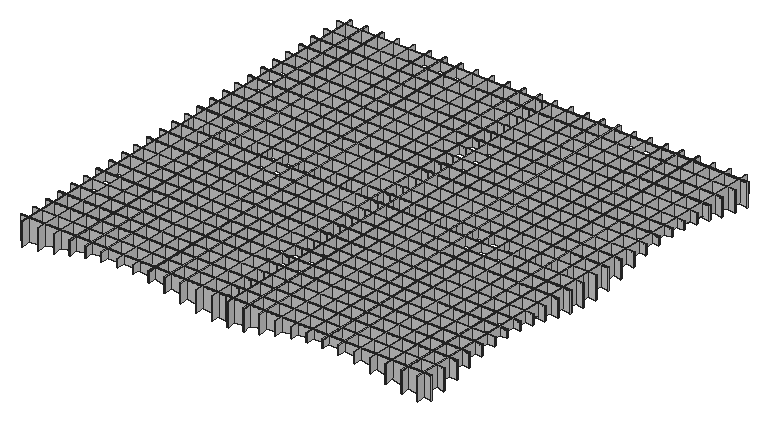
Revit family "CLD-WFL-002_RFA", category Modelos genéricos, Revit 2022 (continued)
Forms (in)
  Extrusion 139, solid, not visible
    sketch origin (0, 0, 0) x (1, 0, 0) y (0, 0, 1)
      loop
        spline (95.30878, 1.71798) -> (96.03651, 1.59857) -> (96.76522, 1.48186) -> (97.49484, 1.36779) -> (98.2253, 1.25631) -> (98.95653, 1.14734) -> (99.68844, 1.04084) -> (100.42096, 0.93675) -> (101.15403, 0.83501) -> (101.88757, 0.73557) -> (102.62149, 0.63835) -> (103.35573, 0.54331) -> (104.09022, 0.45039)
        spline (104.09022, 0.45039) -> (104.41609, 0.41056) -> (104.74197, 0.37118) -> (105.06787, 0.33222) -> (105.39376, 0.29369) -> (105.71965, 0.25557) -> (106.04553, 0.21788) -> (106.37138, 0.18058) -> (106.6972, 0.14369) -> (107.02298, 0.10719) -> (107.34871, 0.07108) -> (107.67439, 0.03535) -> (108, 0)
        line (108, 0) -> (108, 11.82144)
    from -0.11811 to 0
  Extrusion 140, solid, not visible
    sketch origin (0, 0.59055, 0) x (1, 0, 0) y (0, 0, 1)
      loop
        line (108, 11.82144) -> (0, 11.82144) -> (0, 0)
        spline (0, 0) -> (0.32561, 0.03535) -> (0.65129, 0.07108) -> (0.97702, 0.10719) -> (1.3028, 0.14369) -> (1.62862, 0.18058) -> (1.95447, 0.21788) -> (2.28035, 0.25557) -> (2.60624, 0.29369) -> (2.93213, 0.33222) -> (3.25803, 0.37118) -> (3.58391, 0.41056) -> (3.90978, 0.45039)
        spline (3.90978, 0.45039) -> (4.64427, 0.54331) -> (5.37851, 0.63835) -> (6.11243, 0.73557) -> (6.84597, 0.83501) -> (7.57904, 0.93675) -> (8.31156, 1.04084) -> (9.04347, 1.14734) -> (9.7747, 1.25631) -> (10.50516, 1.36779) -> (11.23478, 1.48186) -> (11.96349, 1.59857) -> (12.69122, 1.71798)
        spline (12.69122, 1.71798) -> (13.38922, 1.83797) -> (14.08606, 1.96074) -> (14.78174, 2.08623) -> (15.47631, 2.21426) -> (16.16984, 2.34463) -> (16.86238, 2.47718) -> (17.55399, 2.61172) -> (18.24473, 2.74807) -> (18.93467, 2.88604) -> (19.62386, 3.02546) -> (20.31235, 3.16614) -> (21.00022, 3.30789)
        spline (21.00022, 3.30789) -> (21.65469, 3.44372) -> (22.3087, 3.5801) -> (22.96232, 3.71687) -> (23.61561, 3.85384) -> (24.26863, 3.99083) -> (24.92142, 4.12768) -> (25.57405, 4.2642) -> (26.22658, 4.40021) -> (26.87906, 4.53554) -> (27.53155, 4.67001) -> (28.18411, 4.80344) -> (28.83678, 4.93566)
        spline (28.83678, 4.93566) -> (29.71888, 5.11051) -> (30.60133, 5.28308) -> (31.48418, 5.45313) -> (32.36752, 5.62042) -> (33.25139, 5.78471) -> (34.13589, 5.94577) -> (35.02106, 6.10336) -> (35.90699, 6.25724) -> (36.79374, 6.40717) -> (37.68137, 6.55291) -> (38.56997, 6.69423) -> (39.45958, 6.83089)
        spline (39.45958, 6.83089) -> (39.81456, 6.88206) -> (40.17002, 6.93114) -> (40.52597, 6.97806) -> (40.88246, 7.0227) -> (41.2395, 7.065) -> (41.59707, 7.10495) -> (41.95516, 7.14258) -> (42.31373, 7.17791) -> (42.67277, 7.21097) -> (43.03223, 7.2418) -> (43.3921, 7.27043) -> (43.75234, 7.29687)
        spline (43.75234, 7.29687) -> (44.62318, 7.35197) -> (45.49474, 7.40207) -> (46.36696, 7.44722) -> (47.23979, 7.48751) -> (48.11314, 7.52299) -> (48.98697, 7.55374) -> (49.8612, 7.57983) -> (50.73577, 7.60132) -> (51.61063, 7.61828) -> (52.48569, 7.63078) -> (53.36091, 7.63889) -> (54.23622, 7.64268)
        spline (54.23622, 7.64268) -> (54.8905, 7.63994) -> (55.54471, 7.63396) -> (56.19881, 7.62471) -> (56.85275, 7.61212) -> (57.50648, 7.59614) -> (58.15996, 7.57673) -> (58.81313, 7.55383) -> (59.46596, 7.5274) -> (60.11838, 7.49738) -> (60.77036, 7.46371) -> (61.42184, 7.42635) -> (62.07278, 7.38525)
        spline (62.07278, 7.38525) -> (62.80971, 7.33115) -> (63.54587, 7.27259) -> (64.28121, 7.20951) -> (65.01566, 7.14186) -> (65.74917, 7.06957) -> (66.48169, 6.99259) -> (67.21316, 6.91086) -> (67.94353, 6.82432) -> (68.67277, 6.73297) -> (69.40093, 6.637) -> (70.12806, 6.53658) -> (70.85422, 6.4319)
        spline (70.85422, 6.4319) -> (71.51051, 6.33081) -> (72.16604, 6.22628) -> (72.82086, 6.11849) -> (73.47503, 6.00761) -> (74.12859, 5.89382) -> (74.78159, 5.7773) -> (75.43409, 5.65821) -> (76.08613, 5.53673) -> (76.73777, 5.41305) -> (77.38906, 5.28733) -> (78.04005, 5.15975) -> (78.69078, 5.03049)
        spline (78.69078, 5.03049) -> (79.42214, 4.88265) -> (80.15338, 4.73345) -> (80.88454, 4.58309) -> (81.6157, 4.43177) -> (82.3469, 4.27969) -> (83.07823, 4.12703) -> (83.80973, 3.97401) -> (84.54148, 3.82083) -> (85.27354, 3.66767) -> (86.00597, 3.51473) -> (86.73884, 3.36223) -> (87.47222, 3.21035)
        spline (87.47222, 3.21035) -> (88.12098, 3.07725) -> (88.77034, 2.94516) -> (89.42035, 2.81427) -> (90.07106, 2.68474) -> (90.72253, 2.55674) -> (91.37482, 2.43044) -> (92.02798, 2.30602) -> (92.68208, 2.18365) -> (93.33715, 2.0635) -> (93.99327, 1.94575) -> (94.65048, 1.83055) -> (95.30878, 1.71798)
        spline (95.30878, 1.71798) -> (96.03651, 1.59857) -> (96.76522, 1.48186) -> (97.49484, 1.36779) -> (98.2253, 1.25631) -> (98.95653, 1.14734) -> (99.68844, 1.04084) -> (100.42096, 0.93675) -> (101.15403, 0.83501) -> (101.88757, 0.73557) -> (102.62149, 0.63835) -> (103.35573, 0.54331) -> (104.09022, 0.45039)
        spline (104.09022, 0.45039) -> (104.41609, 0.41056) -> (104.74197, 0.37118) -> (105.06787, 0.33222) -> (105.39376, 0.29369) -> (105.71965, 0.25557) -> (106.04553, 0.21788) -> (106.37138, 0.18058) -> (106.6972, 0.14369) -> (107.02298, 0.10719) -> (107.34871, 0.07108) -> (107.67439, 0.03535) -> (108, 0)
        line (108, 0) -> (108, 11.82144)
    from -0.11811 to 0
  Extrusion 141, solid, not visible
    sketch origin (0, 0.47244, 0) x (1, 0, 0) y (0, 0, 1)
      loop
        line (108, 11.82144) -> (0, 11.82144) -> (0, 0)
        spline (0, 0) -> (0.32561, 0.03535) -> (0.65129, 0.07108) -> (0.97702, 0.10719) -> (1.3028, 0.14369) -> (1.62862, 0.18058) -> (1.95447, 0.21788) -> (2.28035, 0.25557) -> (2.60624, 0.29369) -> (2.93213, 0.33222) -> (3.25803, 0.37118) -> (3.58391, 0.41056) -> (3.90978, 0.45039)
        spline (3.90978, 0.45039) -> (4.64427, 0.54331) -> (5.37851, 0.63835) -> (6.11243, 0.73557) -> (6.84597, 0.83501) -> (7.57904, 0.93675) -> (8.31156, 1.04084) -> (9.04347, 1.14734) -> (9.7747, 1.25631) -> (10.50516, 1.36779) -> (11.23478, 1.48186) -> (11.96349, 1.59857) -> (12.69122, 1.71798)
        spline (12.69122, 1.71798) -> (13.38922, 1.83797) -> (14.08606, 1.96074) -> (14.78174, 2.08623) -> (15.47631, 2.21426) -> (16.16984, 2.34463) -> (16.86238, 2.47718) -> (17.55399, 2.61172) -> (18.24473, 2.74807) -> (18.93467, 2.88604) -> (19.62386, 3.02546) -> (20.31235, 3.16614) -> (21.00022, 3.30789)
        spline (21.00022, 3.30789) -> (21.65469, 3.44372) -> (22.3087, 3.5801) -> (22.96232, 3.71687) -> (23.61561, 3.85384) -> (24.26863, 3.99083) -> (24.92142, 4.12768) -> (25.57405, 4.2642) -> (26.22658, 4.40021) -> (26.87906, 4.53554) -> (27.53155, 4.67001) -> (28.18411, 4.80344) -> (28.83678, 4.93566)
        spline (28.83678, 4.93566) -> (29.71888, 5.11051) -> (30.60133, 5.28308) -> (31.48418, 5.45313) -> (32.36752, 5.62042) -> (33.25139, 5.78471) -> (34.13589, 5.94577) -> (35.02106, 6.10336) -> (35.90699, 6.25724) -> (36.79374, 6.40717) -> (37.68137, 6.55291) -> (38.56997, 6.69423) -> (39.45958, 6.83089)
        spline (39.45958, 6.83089) -> (39.81456, 6.88206) -> (40.17002, 6.93114) -> (40.52597, 6.97806) -> (40.88246, 7.0227) -> (41.2395, 7.065) -> (41.59707, 7.10495) -> (41.95516, 7.14258) -> (42.31373, 7.17791) -> (42.67277, 7.21097) -> (43.03223, 7.2418) -> (43.3921, 7.27043) -> (43.75234, 7.29687)
        spline (43.75234, 7.29687) -> (44.62318, 7.35197) -> (45.49474, 7.40207) -> (46.36696, 7.44722) -> (47.23979, 7.48751) -> (48.11314, 7.52299) -> (48.98697, 7.55374) -> (49.8612, 7.57983) -> (50.73577, 7.60132) -> (51.61063, 7.61828) -> (52.48569, 7.63078) -> (53.36091, 7.63889) -> (54.23622, 7.64268)
        spline (54.23622, 7.64268) -> (54.8905, 7.63994) -> (55.54471, 7.63396) -> (56.19881, 7.62471) -> (56.85275, 7.61212) -> (57.50648, 7.59614) -> (58.15996, 7.57673) -> (58.81313, 7.55383) -> (59.46596, 7.5274) -> (60.11838, 7.49738) -> (60.77036, 7.46371) -> (61.42184, 7.42635) -> (62.07278, 7.38525)
        spline (62.07278, 7.38525) -> (62.80971, 7.33115) -> (63.54587, 7.27259) -> (64.28121, 7.20951) -> (65.01566, 7.14186) -> (65.74917, 7.06957) -> (66.48169, 6.99259) -> (67.21316, 6.91086) -> (67.94353, 6.82432) -> (68.67277, 6.73297) -> (69.40093, 6.637) -> (70.12806, 6.53658) -> (70.85422, 6.4319)
        spline (70.85422, 6.4319) -> (71.51051, 6.33081) -> (72.16604, 6.22628) -> (72.82086, 6.11849) -> (73.47503, 6.00761) -> (74.12859, 5.89382) -> (74.78159, 5.7773) -> (75.43409, 5.65821) -> (76.08613, 5.53673) -> (76.73777, 5.41305) -> (77.38906, 5.28733) -> (78.04005, 5.15975) -> (78.69078, 5.03049)
        spline (78.69078, 5.03049) -> (79.42214, 4.88265) -> (80.15338, 4.73345) -> (80.88454, 4.58309) -> (81.6157, 4.43177) -> (82.3469, 4.27969) -> (83.07823, 4.12703) -> (83.80973, 3.97401) -> (84.54148, 3.82083) -> (85.27354, 3.66767) -> (86.00597, 3.51473) -> (86.73884, 3.36223) -> (87.47222, 3.21035)
        spline (87.47222, 3.21035) -> (88.12098, 3.07725) -> (88.77034, 2.94516) -> (89.42035, 2.81427) -> (90.07106, 2.68474) -> (90.72253, 2.55674) -> (91.37482, 2.43044) -> (92.02798, 2.30602) -> (92.68208, 2.18365) -> (93.33715, 2.0635) -> (93.99327, 1.94575) -> (94.65048, 1.83055) -> (95.30878, 1.71798)
        spline (95.30878, 1.71798) -> (96.03651, 1.59857) -> (96.76522, 1.48186) -> (97.49484, 1.36779) -> (98.2253, 1.25631) -> (98.95653, 1.14734) -> (99.68844, 1.04084) -> (100.42096, 0.93675) -> (101.15403, 0.83501) -> (101.88757, 0.73557) -> (102.62149, 0.63835) -> (103.35573, 0.54331) -> (104.09022, 0.45039)
        spline (104.09022, 0.45039) -> (104.41609, 0.41056) -> (104.74197, 0.37118) -> (105.06787, 0.33222) -> (105.39376, 0.29369) -> (105.71965, 0.25557) -> (106.04553, 0.21788) -> (106.37138, 0.18058) -> (106.6972, 0.14369) -> (107.02298, 0.10719) -> (107.34871, 0.07108) -> (107.67439, 0.03535) -> (108, 0)
        line (108, 0) -> (108, 11.82144)
    from -0.11811 to 0.35433
  Extrusion 142, solid, not visible
    sketch origin (0, 8.309, 0) x (1, 0, 0) y (0, 0, 1)
      loop
        line (108, 11.82144) -> (0, 11.82144) -> (0, 0.88375)
        spline (0, 0.88375) -> (0.32561, 0.94348) -> (0.65129, 1.00296) -> (0.97702, 1.06219) -> (1.3028, 1.12116) -> (1.62862, 1.1799) -> (1.95447, 1.23838) -> (2.28035, 1.29662) -> (2.60624, 1.35462) -> (2.93213, 1.41237) -> (3.25803, 1.46988) -> (3.58391, 1.52715) -> (3.90978, 1.58418)
        spline (3.90978, 1.58418) -> (4.64426, 1.71122) -> (5.37851, 1.8372) -> (6.11243, 1.96212) -> (6.84596, 2.086) -> (7.57903, 2.20885) -> (8.31155, 2.33067) -> (9.04347, 2.45149) -> (9.77469, 2.57131) -> (10.50515, 2.69014) -> (11.23478, 2.80798) -> (11.96349, 2.92486) -> (12.69122, 3.04079)
        spline (12.69122, 3.04079) -> (13.34952, 3.14441) -> (14.00673, 3.24717) -> (14.66285, 3.34906) -> (15.31792, 3.45005) -> (15.97202, 3.55011) -> (16.62518, 3.64921) -> (17.27747, 3.74732) -> (17.92894, 3.8444) -> (18.57965, 3.94043) -> (19.22966, 4.03537) -> (19.87902, 4.12919) -> (20.52778, 4.22187)
        spline (20.52778, 4.22187) -> (21.26116, 4.32437) -> (21.99403, 4.42546) -> (22.72646, 4.52511) -> (23.45852, 4.62328) -> (24.19027, 4.71993) -> (24.92177, 4.81503) -> (25.6531, 4.90854) -> (26.3843, 5.00042) -> (27.11545, 5.09065) -> (27.84662, 5.17918) -> (28.57786, 5.26598) -> (29.30922, 5.35101)
        spline (29.30922, 5.35101) -> (29.95995, 5.42391) -> (30.61094, 5.49516) -> (31.26223, 5.56472) -> (31.91387, 5.63257) -> (32.56591, 5.69867) -> (33.21841, 5.763) -> (33.87141, 5.82551) -> (34.52497, 5.88618) -> (35.17914, 5.94498) -> (35.83396, 6.00187) -> (36.48949, 6.05683) -> (37.14578, 6.10982)
        spline (37.14578, 6.10982) -> (37.87194, 6.16453) -> (38.59907, 6.21702) -> (39.32723, 6.26723) -> (40.05647, 6.31514) -> (40.78684, 6.36072) -> (41.51831, 6.40397) -> (42.25083, 6.44489) -> (42.98434, 6.4835) -> (43.71879, 6.51981) -> (44.45413, 6.55383) -> (45.19029, 6.58557) -> (45.92722, 6.61503)
        spline (45.92722, 6.61503) -> (46.57816, 6.6376) -> (47.22964, 6.65822) -> (47.88162, 6.67689) -> (48.53404, 6.69363) -> (49.18687, 6.70845) -> (49.84004, 6.72134) -> (50.49352, 6.73234) -> (51.14725, 6.74143) -> (51.80119, 6.74863) -> (52.45529, 6.75396) -> (53.1095, 6.75742) -> (53.76378, 6.75901)
        spline (53.76378, 6.75901) -> (54.49695, 6.7572) -> (55.23004, 6.75331) -> (55.96301, 6.74732) -> (56.6958, 6.73922) -> (57.42835, 6.72901) -> (58.16062, 6.71667) -> (58.89255, 6.7022) -> (59.62408, 6.68557) -> (60.35517, 6.66679) -> (61.08576, 6.64585) -> (61.81579, 6.62272) -> (62.54522, 6.59741)
        spline (62.54522, 6.59741) -> (63.20286, 6.57112) -> (63.85981, 6.54281) -> (64.51602, 6.51247) -> (65.17144, 6.48008) -> (65.82603, 6.44563) -> (66.47973, 6.40912) -> (67.1325, 6.37054) -> (67.78428, 6.32988) -> (68.43505, 6.28713) -> (69.08486, 6.24233) -> (69.73376, 6.19551) -> (70.38178, 6.14669)
        spline (70.38178, 6.14669) -> (71.1172, 6.08737) -> (71.85177, 6.02584) -> (72.58554, 5.96214) -> (73.31858, 5.89631) -> (74.05094, 5.82838) -> (74.78268, 5.75838) -> (75.51386, 5.68636) -> (76.24452, 5.61234) -> (76.97473, 5.53637) -> (77.70455, 5.45847) -> (78.43403, 5.37869) -> (79.16322, 5.29705)
        spline (79.16322, 5.29705) -> (79.81589, 5.22111) -> (80.46845, 5.14359) -> (81.12094, 5.06452) -> (81.77342, 4.98394) -> (82.42595, 4.90188) -> (83.07858, 4.81837) -> (83.73137, 4.73344) -> (84.38439, 4.64713) -> (85.03768, 4.55947) -> (85.6913, 4.47048) -> (86.34531, 4.3802) -> (86.99978, 4.28866)
        spline (86.99978, 4.28866) -> (87.72677, 4.18488) -> (88.45442, 4.07981) -> (89.1828, 3.97349) -> (89.91197, 3.86595) -> (90.64199, 3.75723) -> (91.37293, 3.64737) -> (92.10485, 3.53639) -> (92.8378, 3.42433) -> (93.57186, 3.31123) -> (94.30709, 3.19712) -> (95.04354, 3.08203) -> (95.78122, 2.96599)
        spline (95.78122, 2.96599) -> (96.4698, 2.85601) -> (97.15931, 2.74512) -> (97.84968, 2.63332) -> (98.54085, 2.52058) -> (99.23273, 2.40692) -> (99.92527, 2.2923) -> (100.61838, 2.17673) -> (101.31201, 2.06019) -> (102.00608, 1.94268) -> (102.70052, 1.82418) -> (103.39525, 1.70469) -> (104.09022, 1.58418)
        spline (104.09022, 1.58418) -> (104.41609, 1.52715) -> (104.74197, 1.46988) -> (105.06787, 1.41237) -> (105.39376, 1.35462) -> (105.71965, 1.29662) -> (106.04553, 1.23838) -> (106.37138, 1.1799) -> (106.6972, 1.12116) -> (107.02298, 1.06219) -> (107.34871, 1.00296) -> (107.67439, 0.94348) -> (108, 0.88375)
        line (108, 0.88375) -> (108, 11.82144)
    from -0.11811 to 0
  Extrusion 143, solid, not visible
    sketch origin (0, 8.78144, 0) x (1, 0, 0) y (0, 0, 1)
      loop
        line (108, 11.82144) -> (0, 11.82144) -> (0, 0.88375)
        spline (0, 0.88375) -> (0.32561, 0.94348) -> (0.65129, 1.00296) -> (0.97702, 1.06219) -> (1.3028, 1.12116) -> (1.62862, 1.1799) -> (1.95447, 1.23838) -> (2.28035, 1.29662) -> (2.60624, 1.35462) -> (2.93213, 1.41237) -> (3.25803, 1.46988) -> (3.58391, 1.52715) -> (3.90978, 1.58418)
        spline (3.90978, 1.58418) -> (4.64426, 1.71122) -> (5.37851, 1.8372) -> (6.11243, 1.96212) -> (6.84596, 2.086) -> (7.57903, 2.20885) -> (8.31155, 2.33067) -> (9.04347, 2.45149) -> (9.77469, 2.57131) -> (10.50515, 2.69014) -> (11.23478, 2.80798) -> (11.96349, 2.92486) -> (12.69122, 3.04079)
        spline (12.69122, 3.04079) -> (13.34952, 3.14441) -> (14.00673, 3.24717) -> (14.66285, 3.34906) -> (15.31792, 3.45005) -> (15.97202, 3.55011) -> (16.62518, 3.64921) -> (17.27747, 3.74732) -> (17.92894, 3.8444) -> (18.57965, 3.94043) -> (19.22966, 4.03537) -> (19.87902, 4.12919) -> (20.52778, 4.22187)
        spline (20.52778, 4.22187) -> (21.26116, 4.32437) -> (21.99403, 4.42546) -> (22.72646, 4.52511) -> (23.45852, 4.62328) -> (24.19027, 4.71993) -> (24.92177, 4.81503) -> (25.6531, 4.90854) -> (26.3843, 5.00042) -> (27.11545, 5.09065) -> (27.84662, 5.17918) -> (28.57786, 5.26598) -> (29.30922, 5.35101)
        spline (29.30922, 5.35101) -> (29.95995, 5.42391) -> (30.61094, 5.49516) -> (31.26223, 5.56472) -> (31.91387, 5.63257) -> (32.56591, 5.69867) -> (33.21841, 5.763) -> (33.87141, 5.82551) -> (34.52497, 5.88618) -> (35.17914, 5.94498) -> (35.83396, 6.00187) -> (36.48949, 6.05683) -> (37.14578, 6.10982)
        spline (37.14578, 6.10982) -> (37.87194, 6.16453) -> (38.59907, 6.21702) -> (39.32723, 6.26723) -> (40.05647, 6.31514) -> (40.78684, 6.36072) -> (41.51831, 6.40397) -> (42.25083, 6.44489) -> (42.98434, 6.4835) -> (43.71879, 6.51981) -> (44.45413, 6.55383) -> (45.19029, 6.58557) -> (45.92722, 6.61503)
        spline (45.92722, 6.61503) -> (46.57816, 6.6376) -> (47.22964, 6.65822) -> (47.88162, 6.67689) -> (48.53404, 6.69363) -> (49.18687, 6.70845) -> (49.84004, 6.72134) -> (50.49352, 6.73234) -> (51.14725, 6.74143) -> (51.80119, 6.74863) -> (52.45529, 6.75396) -> (53.1095, 6.75742) -> (53.76378, 6.75901)
        spline (53.76378, 6.75901) -> (54.49695, 6.7572) -> (55.23004, 6.75331) -> (55.96301, 6.74732) -> (56.6958, 6.73922) -> (57.42835, 6.72901) -> (58.16062, 6.71667) -> (58.89255, 6.7022) -> (59.62408, 6.68557) -> (60.35517, 6.66679) -> (61.08576, 6.64585) -> (61.81579, 6.62272) -> (62.54522, 6.59741)
        spline (62.54522, 6.59741) -> (63.20286, 6.57112) -> (63.85981, 6.54281) -> (64.51602, 6.51247) -> (65.17144, 6.48008) -> (65.82603, 6.44563) -> (66.47973, 6.40912) -> (67.1325, 6.37054) -> (67.78428, 6.32988) -> (68.43505, 6.28713) -> (69.08486, 6.24233) -> (69.73376, 6.19551) -> (70.38178, 6.14669)
        spline (70.38178, 6.14669) -> (71.1172, 6.08737) -> (71.85177, 6.02584) -> (72.58554, 5.96214) -> (73.31858, 5.89631) -> (74.05094, 5.82838) -> (74.78268, 5.75838) -> (75.51386, 5.68636) -> (76.24452, 5.61234) -> (76.97473, 5.53637) -> (77.70455, 5.45847) -> (78.43403, 5.37869) -> (79.16322, 5.29705)
        spline (79.16322, 5.29705) -> (79.81589, 5.22111) -> (80.46845, 5.14359) -> (81.12094, 5.06452) -> (81.77342, 4.98394) -> (82.42595, 4.90188) -> (83.07858, 4.81837) -> (83.73137, 4.73344) -> (84.38439, 4.64713) -> (85.03768, 4.55947) -> (85.6913, 4.47048) -> (86.34531, 4.3802) -> (86.99978, 4.28866)
        spline (86.99978, 4.28866) -> (87.72677, 4.18488) -> (88.45442, 4.07981) -> (89.1828, 3.97349) -> (89.91197, 3.86595) -> (90.64199, 3.75723) -> (91.37293, 3.64737) -> (92.10485, 3.53639) -> (92.8378, 3.42433) -> (93.57186, 3.31123) -> (94.30709, 3.19712) -> (95.04354, 3.08203) -> (95.78122, 2.96599)
        spline (95.78122, 2.96599) -> (96.4698, 2.85601) -> (97.15931, 2.74512) -> (97.84968, 2.63332) -> (98.54085, 2.52058) -> (99.23273, 2.40692) -> (99.92527, 2.2923) -> (100.61838, 2.17673) -> (101.31201, 2.06019) -> (102.00608, 1.94268) -> (102.70052, 1.82418) -> (103.39525, 1.70469) -> (104.09022, 1.58418)
        spline (104.09022, 1.58418) -> (104.41609, 1.52715) -> (104.74197, 1.46988) -> (105.06787, 1.41237) -> (105.39376, 1.35462) -> (105.71965, 1.29662) -> (106.04553, 1.23838) -> (106.37138, 1.1799) -> (106.6972, 1.12116) -> (107.02298, 1.06219) -> (107.34871, 1.00296) -> (107.67439, 0.94348) -> (108, 0.88375)
        line (108, 0.88375) -> (108, 11.82144)
    from -0.11811 to 0.35433
  Extrusion 144, solid, not visible
    sketch origin (0, 16.618, 0) x (1, 0, 0) y (0, 0, 1)
      loop
        line (108, 11.82144) -> (0, 11.82144) -> (0, 2.55729)
        spline (0, 2.55729) -> (0.32561, 2.61504) -> (0.65129, 2.67215) -> (0.97702, 2.72862) -> (1.3028, 2.78445) -> (1.62862, 2.83963) -> (1.95447, 2.89415) -> (2.28035, 2.94802) -> (2.60624, 3.00123) -> (2.93213, 3.05379) -> (3.25803, 3.10567) -> (3.58391, 3.15689) -> (3.90978, 3.20744)
        spline (3.90978, 3.20744) -> (4.64427, 3.31686) -> (5.37851, 3.42317) -> (6.11243, 3.52634) -> (6.84596, 3.62635) -> (7.57903, 3.72316) -> (8.31156, 3.81675) -> (9.04347, 3.90709) -> (9.77469, 3.99415) -> (10.50515, 4.07789) -> (11.23478, 4.1583) -> (11.96349, 4.23534) -> (12.69122, 4.30898)
        spline (12.69122, 4.30898) -> (13.34952, 4.37039) -> (14.00673, 4.4286) -> (14.66285, 4.48364) -> (15.31792, 4.53559) -> (15.97202, 4.58455) -> (16.62518, 4.63059) -> (17.27747, 4.67381) -> (17.92894, 4.71429) -> (18.57965, 4.75212) -> (19.22966, 4.78738) -> (19.87902, 4.82016) -> (20.52778, 4.85054)
        spline (20.52778, 4.85054) -> (21.26115, 4.88062) -> (21.99402, 4.90823) -> (22.72646, 4.93347) -> (23.45851, 4.95644) -> (24.19026, 4.97724) -> (24.92176, 4.99598) -> (25.65309, 5.01275) -> (26.38429, 5.02764) -> (27.11545, 5.04077) -> (27.84661, 5.05223) -> (28.57785, 5.06211) -> (29.30922, 5.07053)
        spline (29.30922, 5.07053) -> (29.95995, 5.07584) -> (30.61094, 5.08009) -> (31.26223, 5.08336) -> (31.91387, 5.08574) -> (32.56591, 5.08733) -> (33.21841, 5.0882) -> (33.87141, 5.08846) -> (34.52497, 5.08817) -> (35.17914, 5.08744) -> (35.83396, 5.08636) -> (36.48949, 5.085) -> (37.14578, 5.08346)
        spline (37.14578, 5.08346) -> (37.87194, 5.08165) -> (38.59907, 5.0799) -> (39.32723, 5.0783) -> (40.05647, 5.07696) -> (40.78684, 5.07594) -> (41.51831, 5.07527) -> (42.25083, 5.07491) -> (42.98434, 5.07483) -> (43.7188, 5.075) -> (44.45413, 5.07538) -> (45.19029, 5.07596) -> (45.92722, 5.0767)
        spline (45.92722, 5.0767) -> (46.57816, 5.07753) -> (47.22964, 5.07843) -> (47.88162, 5.07937) -> (48.53404, 5.08033) -> (49.18687, 5.08128) -> (49.84004, 5.0822) -> (50.49352, 5.08306) -> (51.14725, 5.08383) -> (51.80119, 5.0845) -> (52.45529, 5.08503) -> (53.1095, 5.0854) -> (53.76378, 5.08558)
        spline (53.76378, 5.08558) -> (54.49695, 5.08542) -> (55.23004, 5.08505) -> (55.96301, 5.0845) -> (56.6958, 5.0838) -> (57.42835, 5.08298) -> (58.16062, 5.08206) -> (58.89255, 5.08107) -> (59.62408, 5.08005) -> (60.35517, 5.07902) -> (61.08576, 5.07801) -> (61.81579, 5.07705) -> (62.54522, 5.07616)
        spline (62.54522, 5.07616) -> (63.20286, 5.07551) -> (63.85981, 5.075) -> (64.51602, 5.07466) -> (65.17144, 5.07452) -> (65.82603, 5.0746) -> (66.47973, 5.07493) -> (67.1325, 5.07554) -> (67.78428, 5.07645) -> (68.43505, 5.07766) -> (69.08486, 5.07909) -> (69.73376, 5.08066) -> (70.38178, 5.08229)
        spline (70.38178, 5.08229) -> (71.1172, 5.08386) -> (71.85177, 5.08523) -> (72.58555, 5.08629) -> (73.31859, 5.08695) -> (74.05095, 5.08712) -> (74.78269, 5.08668) -> (75.51386, 5.08555) -> (76.24453, 5.08362) -> (76.97474, 5.08079) -> (77.70455, 5.07697) -> (78.43403, 5.07206) -> (79.16322, 5.06596)
        spline (79.16322, 5.06596) -> (79.81589, 5.05858) -> (80.46845, 5.04989) -> (81.12094, 5.0398) -> (81.77342, 5.02821) -> (82.42595, 5.01505) -> (83.07858, 5.00022) -> (83.73137, 4.98363) -> (84.38439, 4.9652) -> (85.03768, 4.94483) -> (85.6913, 4.92244) -> (86.34531, 4.89793) -> (86.99978, 4.87123)
        spline (86.99978, 4.87123) -> (87.72677, 4.83707) -> (88.45442, 4.80022) -> (89.18281, 4.7606) -> (89.91198, 4.7181) -> (90.642, 4.67263) -> (91.37294, 4.62408) -> (92.10486, 4.57237) -> (92.83781, 4.5174) -> (93.57187, 4.45907) -> (94.3071, 4.39728) -> (95.04355, 4.33194) -> (95.78122, 4.26301)
        spline (95.78122, 4.26301) -> (96.43065, 4.19725) -> (97.08095, 4.12847) -> (97.73207, 4.05667) -> (98.38393, 3.9819) -> (99.03648, 3.90417) -> (99.68963, 3.82352) -> (100.34334, 3.73996) -> (100.99753, 3.65352) -> (101.65213, 3.56424) -> (102.30709, 3.47213) -> (102.96233, 3.37722) -> (103.61778, 3.27954)
        spline (103.61778, 3.27954) -> (103.98302, 3.22342) -> (104.34828, 3.16655) -> (104.71355, 3.10893) -> (105.07882, 3.05057) -> (105.44409, 2.99146) -> (105.80934, 2.93162) -> (106.17456, 2.87105) -> (106.53976, 2.80974) -> (106.9049, 2.74771) -> (107.27, 2.68496) -> (107.63504, 2.62148) -> (108, 2.55729)
        line (108, 2.55729) -> (108, 11.82144)
    from -0.11811 to 0
  Extrusion 145, solid, not visible
    sketch origin (0, 16.73611, 0) x (1, 0, 0) y (0, 0, 1)
      loop
        line (108, 11.82144) -> (0, 11.82144) -> (0, 2.55729)
        spline (0, 2.55729) -> (0.32561, 2.61504) -> (0.65129, 2.67215) -> (0.97702, 2.72862) -> (1.3028, 2.78445) -> (1.62862, 2.83963) -> (1.95447, 2.89415) -> (2.28035, 2.94802) -> (2.60624, 3.00123) -> (2.93213, 3.05379) -> (3.25803, 3.10567) -> (3.58391, 3.15689) -> (3.90978, 3.20744)
        spline (3.90978, 3.20744) -> (4.64427, 3.31686) -> (5.37851, 3.42317) -> (6.11243, 3.52634) -> (6.84596, 3.62635) -> (7.57903, 3.72316) -> (8.31156, 3.81675) -> (9.04347, 3.90709) -> (9.77469, 3.99415) -> (10.50515, 4.07789) -> (11.23478, 4.1583) -> (11.96349, 4.23534) -> (12.69122, 4.30898)
        spline (12.69122, 4.30898) -> (13.34952, 4.37039) -> (14.00673, 4.4286) -> (14.66285, 4.48364) -> (15.31792, 4.53559) -> (15.97202, 4.58455) -> (16.62518, 4.63059) -> (17.27747, 4.67381) -> (17.92894, 4.71429) -> (18.57965, 4.75212) -> (19.22966, 4.78738) -> (19.87902, 4.82016) -> (20.52778, 4.85054)
        spline (20.52778, 4.85054) -> (21.26115, 4.88062) -> (21.99402, 4.90823) -> (22.72646, 4.93347) -> (23.45851, 4.95644) -> (24.19026, 4.97724) -> (24.92176, 4.99598) -> (25.65309, 5.01275) -> (26.38429, 5.02764) -> (27.11545, 5.04077) -> (27.84661, 5.05223) -> (28.57785, 5.06211) -> (29.30922, 5.07053)
        spline (29.30922, 5.07053) -> (29.95995, 5.07584) -> (30.61094, 5.08009) -> (31.26223, 5.08336) -> (31.91387, 5.08574) -> (32.56591, 5.08733) -> (33.21841, 5.0882) -> (33.87141, 5.08846) -> (34.52497, 5.08817) -> (35.17914, 5.08744) -> (35.83396, 5.08636) -> (36.48949, 5.085) -> (37.14578, 5.08346)
        spline (37.14578, 5.08346) -> (37.87194, 5.08165) -> (38.59907, 5.0799) -> (39.32723, 5.0783) -> (40.05647, 5.07696) -> (40.78684, 5.07594) -> (41.51831, 5.07527) -> (42.25083, 5.07491) -> (42.98434, 5.07483) -> (43.7188, 5.075) -> (44.45413, 5.07538) -> (45.19029, 5.07596) -> (45.92722, 5.0767)
        spline (45.92722, 5.0767) -> (46.57816, 5.07753) -> (47.22964, 5.07843) -> (47.88162, 5.07937) -> (48.53404, 5.08033) -> (49.18687, 5.08128) -> (49.84004, 5.0822) -> (50.49352, 5.08306) -> (51.14725, 5.08383) -> (51.80119, 5.0845) -> (52.45529, 5.08503) -> (53.1095, 5.0854) -> (53.76378, 5.08558)
        spline (53.76378, 5.08558) -> (54.49695, 5.08542) -> (55.23004, 5.08505) -> (55.96301, 5.0845) -> (56.6958, 5.0838) -> (57.42835, 5.08298) -> (58.16062, 5.08206) -> (58.89255, 5.08107) -> (59.62408, 5.08005) -> (60.35517, 5.07902) -> (61.08576, 5.07801) -> (61.81579, 5.07705) -> (62.54522, 5.07616)
        spline (62.54522, 5.07616) -> (63.20286, 5.07551) -> (63.85981, 5.075) -> (64.51602, 5.07466) -> (65.17144, 5.07452) -> (65.82603, 5.0746) -> (66.47973, 5.07493) -> (67.1325, 5.07554) -> (67.78428, 5.07645) -> (68.43505, 5.07766) -> (69.08486, 5.07909) -> (69.73376, 5.08066) -> (70.38178, 5.08229)
        spline (70.38178, 5.08229) -> (71.1172, 5.08386) -> (71.85177, 5.08523) -> (72.58555, 5.08629) -> (73.31859, 5.08695) -> (74.05095, 5.08712) -> (74.78269, 5.08668) -> (75.51386, 5.08555) -> (76.24453, 5.08362) -> (76.97474, 5.08079) -> (77.70455, 5.07697) -> (78.43403, 5.07206) -> (79.16322, 5.06596)
        spline (79.16322, 5.06596) -> (79.81589, 5.05858) -> (80.46845, 5.04989) -> (81.12094, 5.0398) -> (81.77342, 5.02821) -> (82.42595, 5.01505) -> (83.07858, 5.00022) -> (83.73137, 4.98363) -> (84.38439, 4.9652) -> (85.03768, 4.94483) -> (85.6913, 4.92244) -> (86.34531, 4.89793) -> (86.99978, 4.87123)
        spline (86.99978, 4.87123) -> (87.72677, 4.83707) -> (88.45442, 4.80022) -> (89.18281, 4.7606) -> (89.91198, 4.7181) -> (90.642, 4.67263) -> (91.37294, 4.62408) -> (92.10486, 4.57237) -> (92.83781, 4.5174) -> (93.57187, 4.45907) -> (94.3071, 4.39728) -> (95.04355, 4.33194) -> (95.78122, 4.26301)
        spline (95.78122, 4.26301) -> (96.43065, 4.19725) -> (97.08095, 4.12847) -> (97.73207, 4.05667) -> (98.38393, 3.9819) -> (99.03648, 3.90417) -> (99.68963, 3.82352) -> (100.34334, 3.73996) -> (100.99753, 3.65352) -> (101.65213, 3.56424) -> (102.30709, 3.47213) -> (102.96233, 3.37722) -> (103.61778, 3.27954)
        spline (103.61778, 3.27954) -> (103.98302, 3.22342) -> (104.34828, 3.16655) -> (104.71355, 3.10893) -> (105.07882, 3.05057) -> (105.44409, 2.99146) -> (105.80934, 2.93162) -> (106.17456, 2.87105) -> (106.53976, 2.80974) -> (106.9049, 2.74771) -> (107.27, 2.68496) -> (107.63504, 2.62148) -> (108, 2.55729)
        line (108, 2.55729) -> (108, 11.82144)
    from -0.47244 to 0
  Extrusion 146, solid, not visible
    sketch origin (0, 24.927, 0) x (1, 0, 0) y (0, 0, 1)
      loop
        line (108, 11.82144) -> (0, 11.82144) -> (0, 4.58891)
        spline (0, 4.58891) -> (0.32561, 4.62796) -> (0.65129, 4.66617) -> (0.97702, 4.70353) -> (1.3028, 4.74004) -> (1.62862, 4.77569) -> (1.95447, 4.81048) -> (2.28035, 4.84439) -> (2.60624, 4.87743) -> (2.93213, 4.90957) -> (3.25803, 4.94083) -> (3.58391, 4.97119) -> (3.90978, 5.00064)
        spline (3.90978, 5.00064) -> (4.64427, 5.06081) -> (5.37851, 5.11675) -> (6.11244, 5.16838) -> (6.84597, 5.21566) -> (7.57904, 5.25851) -> (8.31157, 5.29688) -> (9.04348, 5.33072) -> (9.7747, 5.35995) -> (10.50516, 5.38452) -> (11.23478, 5.40437) -> (11.96349, 5.41944) -> (12.69122, 5.42966)
        spline (12.69122, 5.42966) -> (13.34952, 5.43128) -> (14.00673, 5.42829) -> (14.66285, 5.42076) -> (15.31792, 5.40886) -> (15.97202, 5.39278) -> (16.62518, 5.37269) -> (17.27747, 5.34877) -> (17.92894, 5.32119) -> (18.57965, 5.29014) -> (19.22966, 5.2558) -> (19.87902, 5.21833) -> (20.52778, 5.17793)
        spline (20.52778, 5.17793) -> (21.26115, 5.12722) -> (21.99402, 5.0737) -> (22.72645, 5.01759) -> (23.45851, 4.95908) -> (24.19025, 4.89838) -> (24.92176, 4.8357) -> (25.65308, 4.77124) -> (26.38429, 4.70521) -> (27.11544, 4.63782) -> (27.84661, 4.56926) -> (28.57785, 4.49975) -> (29.30922, 4.42949)
        spline (29.30922, 4.42949) -> (29.95995, 4.366) -> (30.61094, 4.30234) -> (31.26223, 4.2387) -> (31.91387, 4.17525) -> (32.56591, 4.11218) -> (33.21841, 4.04966) -> (33.87141, 3.98789) -> (34.52497, 3.92703) -> (35.17914, 3.86728) -> (35.83396, 3.80881) -> (36.48949, 3.75181) -> (37.14578, 3.69645)
        spline (37.14578, 3.69645) -> (37.87194, 3.63892) -> (38.59907, 3.58371) -> (39.32723, 3.53102) -> (40.05647, 3.48105) -> (40.78684, 3.43397) -> (41.51831, 3.38979) -> (42.25083, 3.34845) -> (42.98434, 3.30989) -> (43.7188, 3.27405) -> (44.45413, 3.24086) -> (45.19029, 3.21027) -> (45.92722, 3.18221)
        spline (45.92722, 3.18221) -> (46.57816, 3.16116) -> (47.22964, 3.14217) -> (47.88162, 3.12519) -> (48.53404, 3.11017) -> (49.18687, 3.09705) -> (49.84004, 3.08579) -> (50.49352, 3.07632) -> (51.14725, 3.06859) -> (51.80119, 3.06255) -> (52.45529, 3.05816) -> (53.1095, 3.05535) -> (53.76378, 3.05407)
        spline (53.76378, 3.05407) -> (54.49695, 3.0556) -> (55.23004, 3.05885) -> (55.96301, 3.06387) -> (56.6958, 3.07073) -> (57.42836, 3.07948) -> (58.16062, 3.09019) -> (58.89255, 3.10292) -> (59.62409, 3.11771) -> (60.35517, 3.13464) -> (61.08576, 3.15376) -> (61.81579, 3.17514) -> (62.54522, 3.19882)
        spline (62.54522, 3.19882) -> (63.20286, 3.22386) -> (63.85981, 3.25117) -> (64.51602, 3.28078) -> (65.17144, 3.31277) -> (65.82603, 3.34719) -> (66.47973, 3.38408) -> (67.1325, 3.42351) -> (67.78428, 3.46553) -> (68.43505, 3.51013) -> (69.08486, 3.55715) -> (69.73376, 3.60642) -> (70.38178, 3.65777)
        spline (70.38178, 3.65777) -> (71.1172, 3.71948) -> (71.85176, 3.78304) -> (72.58554, 3.84824) -> (73.31858, 3.91488) -> (74.05094, 3.98275) -> (74.78268, 4.05166) -> (75.51385, 4.12139) -> (76.24452, 4.19176) -> (76.97473, 4.26254) -> (77.70455, 4.33354) -> (78.43403, 4.40456) -> (79.16322, 4.47539)
        spline (79.16322, 4.47539) -> (79.80403, 4.53723) -> (80.44473, 4.59841) -> (81.08536, 4.65876) -> (81.72599, 4.7181) -> (82.36666, 4.77623) -> (83.00743, 4.83299) -> (83.64836, 4.88819) -> (84.28951, 4.94166) -> (84.93093, 4.9932) -> (85.57267, 5.04265) -> (86.21481, 5.08982) -> (86.85738, 5.13453)
        spline (86.85738, 5.13453) -> (87.59614, 5.18092) -> (88.33559, 5.22395) -> (89.07577, 5.26344) -> (89.81676, 5.29917) -> (90.55862, 5.33094) -> (91.30141, 5.35856) -> (92.04519, 5.38181) -> (92.79004, 5.4005) -> (93.53601, 5.41442) -> (94.28316, 5.42338) -> (95.03157, 5.42716) -> (95.78122, 5.4257)
        spline (95.78122, 5.4257) -> (96.43065, 5.41648) -> (97.08095, 5.40294) -> (97.73207, 5.38513) -> (98.38393, 5.36311) -> (99.03648, 5.33693) -> (99.68963, 5.30665) -> (100.34334, 5.27231) -> (100.99753, 5.23398) -> (101.65213, 5.19169) -> (102.30709, 5.14552) -> (102.96233, 5.09551) -> (103.61778, 5.04172)
        spline (103.61778, 5.04172) -> (103.98301, 5.00943) -> (104.34827, 4.97613) -> (104.71354, 4.94182) -> (105.07881, 4.90651) -> (105.44407, 4.8702) -> (105.80932, 4.83291) -> (106.17455, 4.79465) -> (106.53974, 4.75541) -> (106.90489, 4.71521) -> (107.26999, 4.67406) -> (107.63503, 4.63196) -> (108, 4.58891)
        line (108, 4.58891) -> (108, 11.82144)
    from -0.11811 to 0
  Extrusion 147, solid, not visible
    sketch origin (0, 25.04511, 0) x (1, 0, 0) y (0, 0, 1)
      loop
        line (108, 11.82144) -> (0, 11.82144) -> (0, 4.58891)
        spline (0, 4.58891) -> (0.32561, 4.62796) -> (0.65129, 4.66617) -> (0.97702, 4.70353) -> (1.3028, 4.74004) -> (1.62862, 4.77569) -> (1.95447, 4.81048) -> (2.28035, 4.84439) -> (2.60624, 4.87743) -> (2.93213, 4.90957) -> (3.25803, 4.94083) -> (3.58391, 4.97119) -> (3.90978, 5.00064)
        spline (3.90978, 5.00064) -> (4.64427, 5.06081) -> (5.37851, 5.11675) -> (6.11244, 5.16838) -> (6.84597, 5.21566) -> (7.57904, 5.25851) -> (8.31157, 5.29688) -> (9.04348, 5.33072) -> (9.7747, 5.35995) -> (10.50516, 5.38452) -> (11.23478, 5.40437) -> (11.96349, 5.41944) -> (12.69122, 5.42966)
        spline (12.69122, 5.42966) -> (13.34952, 5.43128) -> (14.00673, 5.42829) -> (14.66285, 5.42076) -> (15.31792, 5.40886) -> (15.97202, 5.39278) -> (16.62518, 5.37269) -> (17.27747, 5.34877) -> (17.92894, 5.32119) -> (18.57965, 5.29014) -> (19.22966, 5.2558) -> (19.87902, 5.21833) -> (20.52778, 5.17793)
        spline (20.52778, 5.17793) -> (21.26115, 5.12722) -> (21.99402, 5.0737) -> (22.72645, 5.01759) -> (23.45851, 4.95908) -> (24.19025, 4.89838) -> (24.92176, 4.8357) -> (25.65308, 4.77124) -> (26.38429, 4.70521) -> (27.11544, 4.63782) -> (27.84661, 4.56926) -> (28.57785, 4.49975) -> (29.30922, 4.42949)
        spline (29.30922, 4.42949) -> (29.95995, 4.366) -> (30.61094, 4.30234) -> (31.26223, 4.2387) -> (31.91387, 4.17525) -> (32.56591, 4.11218) -> (33.21841, 4.04966) -> (33.87141, 3.98789) -> (34.52497, 3.92703) -> (35.17914, 3.86728) -> (35.83396, 3.80881) -> (36.48949, 3.75181) -> (37.14578, 3.69645)
        spline (37.14578, 3.69645) -> (37.87194, 3.63892) -> (38.59907, 3.58371) -> (39.32723, 3.53102) -> (40.05647, 3.48105) -> (40.78684, 3.43397) -> (41.51831, 3.38979) -> (42.25083, 3.34845) -> (42.98434, 3.30989) -> (43.7188, 3.27405) -> (44.45413, 3.24086) -> (45.19029, 3.21027) -> (45.92722, 3.18221)
        spline (45.92722, 3.18221) -> (46.57816, 3.16116) -> (47.22964, 3.14217) -> (47.88162, 3.12519) -> (48.53404, 3.11017) -> (49.18687, 3.09705) -> (49.84004, 3.08579) -> (50.49352, 3.07632) -> (51.14725, 3.06859) -> (51.80119, 3.06255) -> (52.45529, 3.05816) -> (53.1095, 3.05535) -> (53.76378, 3.05407)
        spline (53.76378, 3.05407) -> (54.49695, 3.0556) -> (55.23004, 3.05885) -> (55.96301, 3.06387) -> (56.6958, 3.07073) -> (57.42836, 3.07948) -> (58.16062, 3.09019) -> (58.89255, 3.10292) -> (59.62409, 3.11771) -> (60.35517, 3.13464) -> (61.08576, 3.15376) -> (61.81579, 3.17514) -> (62.54522, 3.19882)
        spline (62.54522, 3.19882) -> (63.20286, 3.22386) -> (63.85981, 3.25117) -> (64.51602, 3.28078) -> (65.17144, 3.31277) -> (65.82603, 3.34719) -> (66.47973, 3.38408) -> (67.1325, 3.42351) -> (67.78428, 3.46553) -> (68.43505, 3.51013) -> (69.08486, 3.55715) -> (69.73376, 3.60642) -> (70.38178, 3.65777)
        spline (70.38178, 3.65777) -> (71.1172, 3.71948) -> (71.85176, 3.78304) -> (72.58554, 3.84824) -> (73.31858, 3.91488) -> (74.05094, 3.98275) -> (74.78268, 4.05166) -> (75.51385, 4.12139) -> (76.24452, 4.19176) -> (76.97473, 4.26254) -> (77.70455, 4.33354) -> (78.43403, 4.40456) -> (79.16322, 4.47539)
        spline (79.16322, 4.47539) -> (79.80403, 4.53723) -> (80.44473, 4.59841) -> (81.08536, 4.65876) -> (81.72599, 4.7181) -> (82.36666, 4.77623) -> (83.00743, 4.83299) -> (83.64836, 4.88819) -> (84.28951, 4.94166) -> (84.93093, 4.9932) -> (85.57267, 5.04265) -> (86.21481, 5.08982) -> (86.85738, 5.13453)
        spline (86.85738, 5.13453) -> (87.59614, 5.18092) -> (88.33559, 5.22395) -> (89.07577, 5.26344) -> (89.81676, 5.29917) -> (90.55862, 5.33094) -> (91.30141, 5.35856) -> (92.04519, 5.38181) -> (92.79004, 5.4005) -> (93.53601, 5.41442) -> (94.28316, 5.42338) -> (95.03157, 5.42716) -> (95.78122, 5.4257)
        spline (95.78122, 5.4257) -> (96.43065, 5.41648) -> (97.08095, 5.40294) -> (97.73207, 5.38513) -> (98.38393, 5.36311) -> (99.03648, 5.33693) -> (99.68963, 5.30665) -> (100.34334, 5.27231) -> (100.99753, 5.23398) -> (101.65213, 5.19169) -> (102.30709, 5.14552) -> (102.96233, 5.09551) -> (103.61778, 5.04172)
        spline (103.61778, 5.04172) -> (103.98301, 5.00943) -> (104.34827, 4.97613) -> (104.71354, 4.94182) -> (105.07881, 4.90651) -> (105.44407, 4.8702) -> (105.80932, 4.83291) -> (106.17455, 4.79465) -> (106.53974, 4.75541) -> (106.90489, 4.71521) -> (107.26999, 4.67406) -> (107.63503, 4.63196) -> (108, 4.58891)
        line (108, 4.58891) -> (108, 11.82144)
    from -0.47244 to 0
  Extrusion 148, solid, not visible
    sketch origin (0, 33.236, 0) x (1, 0, 0) y (0, 0, 1)
      loop
        line (108, 11.82144) -> (0, 11.82144) -> (0, 6.40455)
        spline (0, 6.40455) -> (0.32561, 6.42139) -> (0.65129, 6.43729) -> (0.97702, 6.45226) -> (1.3028, 6.46628) -> (1.62862, 6.47935) -> (1.95447, 6.49146) -> (2.28035, 6.50259) -> (2.60624, 6.51274) -> (2.93213, 6.52189) -> (3.25803, 6.53005) -> (3.58391, 6.5372) -> (3.90978, 6.54334)
        spline (3.90978, 6.54334) -> (4.64427, 6.55011) -> (5.37852, 6.55208) -> (6.11244, 6.54917) -> (6.84598, 6.5413) -> (7.57905, 6.52839) -> (8.31157, 6.51035) -> (9.04349, 6.4871) -> (9.77471, 6.45856) -> (10.50517, 6.42465) -> (11.23479, 6.38528) -> (11.9635, 6.34038) -> (12.69122, 6.28985)
        spline (12.69122, 6.28985) -> (13.34952, 6.23514) -> (14.00673, 6.17505) -> (14.66285, 6.10968) -> (15.31792, 6.03926) -> (15.97202, 5.96405) -> (16.62518, 5.88427) -> (17.27747, 5.80017) -> (17.92894, 5.712) -> (18.57965, 5.62) -> (19.22966, 5.52441) -> (19.87902, 5.42547) -> (20.52778, 5.32343)
        spline (20.52778, 5.32343) -> (21.26115, 5.20293) -> (21.99402, 5.07965) -> (22.72645, 4.95385) -> (23.4585, 4.82583) -> (24.19025, 4.69586) -> (24.92176, 4.56423) -> (25.65308, 4.43121) -> (26.38429, 4.29709) -> (27.11544, 4.16214) -> (27.84661, 4.02665) -> (28.57785, 3.8909) -> (29.30922, 3.75516)
        spline (29.30922, 3.75516) -> (29.95995, 3.63466) -> (30.61094, 3.51485) -> (31.26223, 3.39599) -> (31.91387, 3.2783) -> (32.56591, 3.16206) -> (33.21841, 3.04749) -> (33.87141, 2.93486) -> (34.52497, 2.8244) -> (35.17914, 2.71637) -> (35.83396, 2.61101) -> (36.48949, 2.50857) -> (37.14578, 2.4093)
        spline (37.14578, 2.4093) -> (37.87194, 2.30632) -> (38.59907, 2.20751) -> (39.32723, 2.11315) -> (40.05647, 2.02349) -> (40.78684, 1.93878) -> (41.51831, 1.85902) -> (42.25083, 1.78415) -> (42.98434, 1.71406) -> (43.71879, 1.64869) -> (44.45413, 1.58794) -> (45.19029, 1.53174) -> (45.92722, 1.47999)
        spline (45.92722, 1.47999) -> (46.57816, 1.44092) -> (47.22964, 1.40553) -> (47.88162, 1.37376) -> (48.53404, 1.34552) -> (49.18687, 1.32076) -> (49.84004, 1.2994) -> (50.49352, 1.28136) -> (51.14725, 1.26658) -> (51.80119, 1.25497) -> (52.45529, 1.24648) -> (53.1095, 1.24101) -> (53.76378, 1.23852)
        spline (53.76378, 1.23852) -> (54.49695, 1.24145) -> (55.23005, 1.2477) -> (55.96302, 1.25736) -> (56.69581, 1.2705) -> (57.42836, 1.2872) -> (58.16063, 1.30755) -> (58.89256, 1.33163) -> (59.62409, 1.35951) -> (60.35518, 1.39128) -> (61.08577, 1.42702) -> (61.8158, 1.46681) -> (62.54522, 1.51073)
        spline (62.54522, 1.51073) -> (63.20286, 1.5569) -> (63.85981, 1.60706) -> (64.51602, 1.66127) -> (65.17144, 1.7196) -> (65.82603, 1.78214) -> (66.47973, 1.84896) -> (67.1325, 1.92013) -> (67.78428, 1.99572) -> (68.43505, 2.07573) -> (69.08486, 2.15994) -> (69.73376, 2.24811) -> (70.38178, 2.34001)
        spline (70.38178, 2.34001) -> (71.11719, 2.45082) -> (71.85175, 2.56518) -> (72.58552, 2.6828) -> (73.31856, 2.80343) -> (74.05092, 2.92677) -> (74.78266, 3.05256) -> (75.51384, 3.1805) -> (76.2445, 3.31033) -> (76.97472, 3.44177) -> (77.70454, 3.57454) -> (78.43402, 3.70836) -> (79.16322, 3.84296)
        spline (79.16322, 3.84296) -> (79.81589, 3.96449) -> (80.46845, 4.08604) -> (81.12094, 4.20735) -> (81.77342, 4.32817) -> (82.42595, 4.44826) -> (83.07858, 4.56736) -> (83.73137, 4.68523) -> (84.38439, 4.80161) -> (85.03768, 4.91625) -> (85.6913, 5.02891) -> (86.34531, 5.13933) -> (86.99978, 5.24726)
        spline (86.99978, 5.24726) -> (87.72678, 5.36123) -> (88.45444, 5.47173) -> (89.18283, 5.57848) -> (89.91201, 5.68121) -> (90.64203, 5.77964) -> (91.37298, 5.87351) -> (92.10489, 5.96254) -> (92.83785, 6.04646) -> (93.5719, 6.125) -> (94.30712, 6.19789) -> (95.04356, 6.26486) -> (95.78122, 6.32579)
        spline (95.78122, 6.32579) -> (96.46987, 6.37175) -> (97.15943, 6.41238) -> (97.84985, 6.44778) -> (98.54104, 6.47801) -> (99.23294, 6.50316) -> (99.92548, 6.5233) -> (100.61859, 6.53851) -> (101.3122, 6.54886) -> (102.00624, 6.55445) -> (102.70063, 6.55534) -> (103.39532, 6.55161) -> (104.09022, 6.54334)
        spline (104.09022, 6.54334) -> (104.41609, 6.5372) -> (104.74197, 6.53005) -> (105.06787, 6.52189) -> (105.39376, 6.51274) -> (105.71965, 6.50259) -> (106.04553, 6.49146) -> (106.37138, 6.47935) -> (106.6972, 6.46628) -> (107.02298, 6.45226) -> (107.34871, 6.43729) -> (107.67439, 6.42139) -> (108, 6.40455)
        line (108, 6.40455) -> (108, 11.82144)
    from -0.11811 to 0
  Extrusion 149, solid, not visible
    sketch origin (0, 33.35411, 0) x (1, 0, 0) y (0, 0, 1)
      loop
        line (108, 11.82144) -> (0, 11.82144) -> (0, 6.40455)
        spline (0, 6.40455) -> (0.32561, 6.42139) -> (0.65129, 6.43729) -> (0.97702, 6.45226) -> (1.3028, 6.46628) -> (1.62862, 6.47935) -> (1.95447, 6.49146) -> (2.28035, 6.50259) -> (2.60624, 6.51274) -> (2.93213, 6.52189) -> (3.25803, 6.53005) -> (3.58391, 6.5372) -> (3.90978, 6.54334)
        spline (3.90978, 6.54334) -> (4.64427, 6.55011) -> (5.37852, 6.55208) -> (6.11244, 6.54917) -> (6.84598, 6.5413) -> (7.57905, 6.52839) -> (8.31157, 6.51035) -> (9.04349, 6.4871) -> (9.77471, 6.45856) -> (10.50517, 6.42465) -> (11.23479, 6.38528) -> (11.9635, 6.34038) -> (12.69122, 6.28985)
        spline (12.69122, 6.28985) -> (13.34952, 6.23514) -> (14.00673, 6.17505) -> (14.66285, 6.10968) -> (15.31792, 6.03926) -> (15.97202, 5.96405) -> (16.62518, 5.88427) -> (17.27747, 5.80017) -> (17.92894, 5.712) -> (18.57965, 5.62) -> (19.22966, 5.52441) -> (19.87902, 5.42547) -> (20.52778, 5.32343)
        spline (20.52778, 5.32343) -> (21.26115, 5.20293) -> (21.99402, 5.07965) -> (22.72645, 4.95385) -> (23.4585, 4.82583) -> (24.19025, 4.69586) -> (24.92176, 4.56423) -> (25.65308, 4.43121) -> (26.38429, 4.29709) -> (27.11544, 4.16214) -> (27.84661, 4.02665) -> (28.57785, 3.8909) -> (29.30922, 3.75516)
        spline (29.30922, 3.75516) -> (29.95995, 3.63466) -> (30.61094, 3.51485) -> (31.26223, 3.39599) -> (31.91387, 3.2783) -> (32.56591, 3.16206) -> (33.21841, 3.04749) -> (33.87141, 2.93486) -> (34.52497, 2.8244) -> (35.17914, 2.71637) -> (35.83396, 2.61101) -> (36.48949, 2.50857) -> (37.14578, 2.4093)
        spline (37.14578, 2.4093) -> (37.87194, 2.30632) -> (38.59907, 2.20751) -> (39.32723, 2.11315) -> (40.05647, 2.02349) -> (40.78684, 1.93878) -> (41.51831, 1.85902) -> (42.25083, 1.78415) -> (42.98434, 1.71406) -> (43.71879, 1.64869) -> (44.45413, 1.58794) -> (45.19029, 1.53174) -> (45.92722, 1.47999)
        spline (45.92722, 1.47999) -> (46.57816, 1.44092) -> (47.22964, 1.40553) -> (47.88162, 1.37376) -> (48.53404, 1.34552) -> (49.18687, 1.32076) -> (49.84004, 1.2994) -> (50.49352, 1.28136) -> (51.14725, 1.26658) -> (51.80119, 1.25497) -> (52.45529, 1.24648) -> (53.1095, 1.24101) -> (53.76378, 1.23852)
        spline (53.76378, 1.23852) -> (54.49695, 1.24145) -> (55.23005, 1.2477) -> (55.96302, 1.25736) -> (56.69581, 1.2705) -> (57.42836, 1.2872) -> (58.16063, 1.30755) -> (58.89256, 1.33163) -> (59.62409, 1.35951) -> (60.35518, 1.39128) -> (61.08577, 1.42702) -> (61.8158, 1.46681) -> (62.54522, 1.51073)
        spline (62.54522, 1.51073) -> (63.20286, 1.5569) -> (63.85981, 1.60706) -> (64.51602, 1.66127) -> (65.17144, 1.7196) -> (65.82603, 1.78214) -> (66.47973, 1.84896) -> (67.1325, 1.92013) -> (67.78428, 1.99572) -> (68.43505, 2.07573) -> (69.08486, 2.15994) -> (69.73376, 2.24811) -> (70.38178, 2.34001)
        spline (70.38178, 2.34001) -> (71.11719, 2.45082) -> (71.85175, 2.56518) -> (72.58552, 2.6828) -> (73.31856, 2.80343) -> (74.05092, 2.92677) -> (74.78266, 3.05256) -> (75.51384, 3.1805) -> (76.2445, 3.31033) -> (76.97472, 3.44177) -> (77.70454, 3.57454) -> (78.43402, 3.70836) -> (79.16322, 3.84296)
        spline (79.16322, 3.84296) -> (79.81589, 3.96449) -> (80.46845, 4.08604) -> (81.12094, 4.20735) -> (81.77342, 4.32817) -> (82.42595, 4.44826) -> (83.07858, 4.56736) -> (83.73137, 4.68523) -> (84.38439, 4.80161) -> (85.03768, 4.91625) -> (85.6913, 5.02891) -> (86.34531, 5.13933) -> (86.99978, 5.24726)
        spline (86.99978, 5.24726) -> (87.72678, 5.36123) -> (88.45444, 5.47173) -> (89.18283, 5.57848) -> (89.91201, 5.68121) -> (90.64203, 5.77964) -> (91.37298, 5.87351) -> (92.10489, 5.96254) -> (92.83785, 6.04646) -> (93.5719, 6.125) -> (94.30712, 6.19789) -> (95.04356, 6.26486) -> (95.78122, 6.32579)
        spline (95.78122, 6.32579) -> (96.46987, 6.37175) -> (97.15943, 6.41238) -> (97.84985, 6.44778) -> (98.54104, 6.47801) -> (99.23294, 6.50316) -> (99.92548, 6.5233) -> (100.61859, 6.53851) -> (101.3122, 6.54886) -> (102.00624, 6.55445) -> (102.70063, 6.55534) -> (103.39532, 6.55161) -> (104.09022, 6.54334)
        spline (104.09022, 6.54334) -> (104.41609, 6.5372) -> (104.74197, 6.53005) -> (105.06787, 6.52189) -> (105.39376, 6.51274) -> (105.71965, 6.50259) -> (106.04553, 6.49146) -> (106.37138, 6.47935) -> (106.6972, 6.46628) -> (107.02298, 6.45226) -> (107.34871, 6.43729) -> (107.67439, 6.42139) -> (108, 6.40455)
        line (108, 6.40455) -> (108, 11.82144)
    from -0.47244 to 0
  Extrusion 150, solid, not visible
    sketch origin (0, 41.545, 0) x (1, 0, 0) y (0, 0, 1)
      loop
        line (108, 11.82144) -> (0, 11.82144) -> (0, 7.49745)
        spline (0, 7.49745) -> (0.32561, 7.50061) -> (0.65129, 7.5028) -> (0.97702, 7.504) -> (1.3028, 7.50421) -> (1.62862, 7.5034) -> (1.95447, 7.50158) -> (2.28035, 7.49874) -> (2.60624, 7.49485) -> (2.93213, 7.48991) -> (3.25803, 7.48392) -> (3.58391, 7.47685) -> (3.90978, 7.46871)
        spline (3.90978, 7.46871) -> (4.64427, 7.44283) -> (5.37852, 7.41184) -> (6.11245, 7.37564) -> (6.84598, 7.33415) -> (7.57905, 7.28726) -> (8.31158, 7.23488) -> (9.04349, 7.17692) -> (9.77471, 7.11327) -> (10.50517, 7.04386) -> (11.23479, 6.96857) -> (11.9635, 6.88732) -> (12.69122, 6.80001)
        spline (12.69122, 6.80001) -> (13.34456, 6.71191) -> (13.99682, 6.61804) -> (14.64799, 6.5185) -> (15.29813, 6.41358) -> (15.94729, 6.30354) -> (16.59553, 6.18867) -> (17.2429, 6.06925) -> (17.88946, 5.94556) -> (18.53527, 5.81787) -> (19.18038, 5.68647) -> (19.82484, 5.55162) -> (20.46871, 5.41362)
        spline (20.46871, 5.41362) -> (21.20701, 5.25043) -> (21.94481, 5.08446) -> (22.68216, 4.91603) -> (23.41914, 4.74548) -> (24.15581, 4.57314) -> (24.89224, 4.39932) -> (25.62848, 4.22436) -> (26.36461, 4.04857) -> (27.10068, 3.8723) -> (27.83677, 3.69586) -> (28.57293, 3.51959) -> (29.30922, 3.3438)
        spline (29.30922, 3.3438) -> (29.95995, 3.18922) -> (30.61094, 3.03586) -> (31.26223, 2.884) -> (31.91387, 2.73392) -> (32.56591, 2.58591) -> (33.21841, 2.44027) -> (33.87141, 2.29726) -> (34.52497, 2.15719) -> (35.17914, 2.02034) -> (35.83396, 1.88699) -> (36.48949, 1.75744) -> (37.14578, 1.63196)
        spline (37.14578, 1.63196) -> (37.87194, 1.50186) -> (38.59907, 1.37703) -> (39.32723, 1.25779) -> (40.05647, 1.14445) -> (40.78684, 1.03728) -> (41.51831, 0.93629) -> (42.25083, 0.84139) -> (42.98434, 0.75249) -> (43.71879, 0.66948) -> (44.45413, 0.59228) -> (45.19029, 0.52078) -> (45.92722, 0.45488)
        spline (45.92722, 0.45488) -> (46.57816, 0.40504) -> (47.22964, 0.35985) -> (47.88162, 0.31924) -> (48.53404, 0.28312) -> (49.18687, 0.2514) -> (49.84004, 0.224) -> (50.49352, 0.20084) -> (51.14725, 0.18183) -> (51.80119, 0.1669) -> (52.45529, 0.15595) -> (53.1095, 0.14891) -> (53.76378, 0.14568)
        spline (53.76378, 0.14568) -> (54.49695, 0.14945) -> (55.23005, 0.1575) -> (55.96302, 0.16993) -> (56.69581, 0.18682) -> (57.42837, 0.20828) -> (58.16064, 0.23439) -> (58.89257, 0.26525) -> (59.6241, 0.30095) -> (60.35518, 0.34158) -> (61.08577, 0.38725) -> (61.8158, 0.43804) -> (62.54522, 0.49405)
        spline (62.54522, 0.49405) -> (63.20286, 0.55285) -> (63.85981, 0.61666) -> (64.51602, 0.68555) -> (65.17144, 0.75961) -> (65.82603, 0.83894) -> (66.47973, 0.92362) -> (67.1325, 1.01374) -> (67.78428, 1.10938) -> (68.43505, 1.21052) -> (69.08486, 1.31692) -> (69.73376, 1.42831) -> (70.38178, 1.54441)
        spline (70.38178, 1.54441) -> (71.11719, 1.68452) -> (71.85174, 1.82919) -> (72.58551, 1.97812) -> (73.31855, 2.13097) -> (74.05091, 2.28743) -> (74.78265, 2.44718) -> (75.51383, 2.60988) -> (76.24449, 2.77524) -> (76.97471, 2.94291) -> (77.70453, 3.11258) -> (78.43402, 3.28394) -> (79.16322, 3.45665)
        spline (79.16322, 3.45665) -> (79.81589, 3.61318) -> (80.46845, 3.77015) -> (81.12094, 3.92726) -> (81.77342, 4.08422) -> (82.42595, 4.24075) -> (83.07858, 4.39655) -> (83.73137, 4.55134) -> (84.38439, 4.70482) -> (85.03768, 4.85671) -> (85.6913, 5.00672) -> (86.34531, 5.15455) -> (86.99978, 5.29992)
        spline (86.99978, 5.29992) -> (87.72678, 5.4553) -> (88.45445, 5.60712) -> (89.18284, 5.75506) -> (89.91202, 5.8988) -> (90.64204, 6.03803) -> (91.37299, 6.17243) -> (92.1049, 6.3017) -> (92.83786, 6.42551) -> (93.57191, 6.54354) -> (94.30712, 6.6555) -> (95.04356, 6.76106) -> (95.78122, 6.8601)
        spline (95.78122, 6.8601) -> (96.43065, 6.93786) -> (97.08095, 7.01021) -> (97.73207, 7.07724) -> (98.38393, 7.13903) -> (99.03648, 7.19567) -> (99.68963, 7.24723) -> (100.34334, 7.29382) -> (100.99753, 7.33551) -> (101.65213, 7.37238) -> (102.30709, 7.40452) -> (102.96233, 7.43202) -> (103.61778, 7.45496)
        spline (103.61778, 7.45496) -> (103.98301, 7.46494) -> (104.34826, 7.47372) -> (104.71353, 7.4813) -> (105.0788, 7.48768) -> (105.44406, 7.4929) -> (105.80931, 7.49695) -> (106.17454, 7.49984) -> (106.53973, 7.5016) -> (106.90488, 7.50223) -> (107.26998, 7.50173) -> (107.63503, 7.50014) -> (108, 7.49745)
        line (108, 7.49745) -> (108, 11.82144)
    from -0.11811 to 0
  Extrusion 151, solid, not visible
    sketch origin (0, 41.66311, 0) x (1, 0, 0) y (0, 0, 1)
      loop
        line (108, 11.82144) -> (0, 11.82144) -> (0, 7.49745)
        spline (0, 7.49745) -> (0.32561, 7.50061) -> (0.65129, 7.5028) -> (0.97702, 7.504) -> (1.3028, 7.50421) -> (1.62862, 7.5034) -> (1.95447, 7.50158) -> (2.28035, 7.49874) -> (2.60624, 7.49485) -> (2.93213, 7.48991) -> (3.25803, 7.48392) -> (3.58391, 7.47685) -> (3.90978, 7.46871)
        spline (3.90978, 7.46871) -> (4.64427, 7.44283) -> (5.37852, 7.41184) -> (6.11245, 7.37564) -> (6.84598, 7.33415) -> (7.57905, 7.28726) -> (8.31158, 7.23488) -> (9.04349, 7.17692) -> (9.77471, 7.11327) -> (10.50517, 7.04386) -> (11.23479, 6.96857) -> (11.9635, 6.88732) -> (12.69122, 6.80001)
        spline (12.69122, 6.80001) -> (13.34456, 6.71191) -> (13.99682, 6.61804) -> (14.64799, 6.5185) -> (15.29813, 6.41358) -> (15.94729, 6.30354) -> (16.59553, 6.18867) -> (17.2429, 6.06925) -> (17.88946, 5.94556) -> (18.53527, 5.81787) -> (19.18038, 5.68647) -> (19.82484, 5.55162) -> (20.46871, 5.41362)
        spline (20.46871, 5.41362) -> (21.20701, 5.25043) -> (21.94481, 5.08446) -> (22.68216, 4.91603) -> (23.41914, 4.74548) -> (24.15581, 4.57314) -> (24.89224, 4.39932) -> (25.62848, 4.22436) -> (26.36461, 4.04857) -> (27.10068, 3.8723) -> (27.83677, 3.69586) -> (28.57293, 3.51959) -> (29.30922, 3.3438)
        spline (29.30922, 3.3438) -> (29.95995, 3.18922) -> (30.61094, 3.03586) -> (31.26223, 2.884) -> (31.91387, 2.73392) -> (32.56591, 2.58591) -> (33.21841, 2.44027) -> (33.87141, 2.29726) -> (34.52497, 2.15719) -> (35.17914, 2.02034) -> (35.83396, 1.88699) -> (36.48949, 1.75744) -> (37.14578, 1.63196)
        spline (37.14578, 1.63196) -> (37.87194, 1.50186) -> (38.59907, 1.37703) -> (39.32723, 1.25779) -> (40.05647, 1.14445) -> (40.78684, 1.03728) -> (41.51831, 0.93629) -> (42.25083, 0.84139) -> (42.98434, 0.75249) -> (43.71879, 0.66948) -> (44.45413, 0.59228) -> (45.19029, 0.52078) -> (45.92722, 0.45488)
